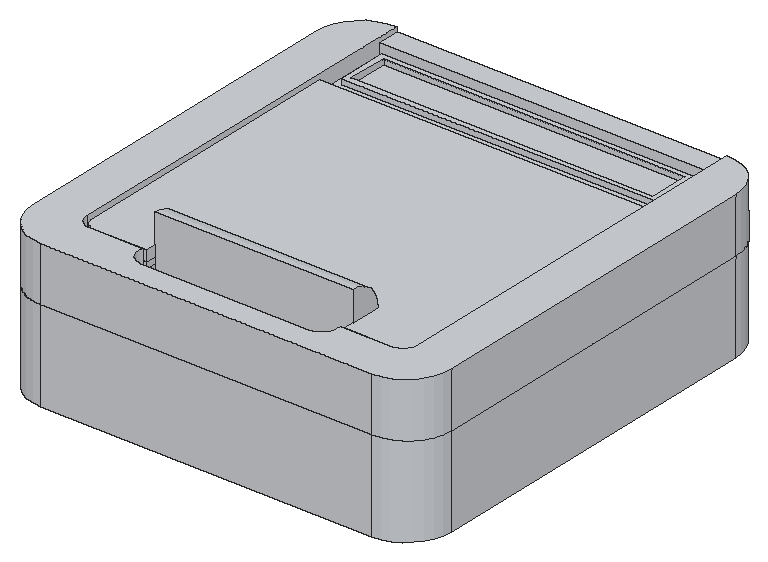
Revit family "Gira_026230", category Electrical Fixtures, host Face, Revit 2017
Family settings
  Host = Face
  Maintain Annotation Orientation = No
  Round Connector Dimension = Use Diameter
  Part Type = Normal
  Cut with Voids When Loaded = No
  Shared = No
  Room Calculation Point = No
Parameters (values of type "Hous. HC + in.sp. ins. comm.tec WP SM grey")
  With strain relief = no
  With imprint = no
  With hinged lid = yes
  With dust cover = no
  Utilization = "For data connection housing"
  Type of fastening = "Mounting with screw"
  Type Comments = ""
  Transparent = no
  Surface protection = "Sonstige (*de-DE)"
  Surface finishing = "Not applicable"
  Support ring = no
  Suitable for degree of protection (IP) = "IP44"
  Model = ""
  Material quality = "Thermoplastic"
  Material = "plastic"
  Luster terminal = no
  Keynote = ""
  Imprintable label = "With indication plate"
  HeinzeBIM = "https://www.heinze.de/bim/hous-hc-in-sp-ins-comm-tec-wp-sm-grey/a0636f71108af675a756d221536b3fa05e802baf"
  Halogen free = yes
  HAN = "026230"
  GTIN = "4010337262305"
  Default Elevation = 1219.2 mm
  URL = "https://www.gira.de/"
  Typname = ""
  Manufacturer = "Gira"
  Description = "Hous.HC in.sp.ins.comm.tec WP SM GY Housing with hinged cover and inscription space for communication technology inserts,grey Notes : - Not suitable for AMP Communications Outlet (ACO), IBM ACS-System, Reichle de Massari ACS-System, IBM STPA, ST SC Simplex Duplex, Telegärtner OCS-System, IBM ACS Mini-C 600 MHz and WBT high-end speaker connectors."
  Cost = 0
  Colour = "Grey"
  BIMSITE_PRODUCT_ID = "a0636f71108af675a756d221536b3fa05e802baf"
  BIM = "https://media.live.bim.site/t/eyJhbGciOiJIUzI1NiIsInR5cCI6IkpXVCJ9.eyJjdCI6MSwidGYiOiJwdWJsaWMvZ2lyYS8wOWY1ZGI1L0dpcmFfMDI2MjMwLnJmYSIsImNpZCI6ImZlZDk4ZTlhLTFiZDgtNGM2OC1hNzNiLTc0YTk0ZTMxNTgyMyIsInJpZCI6ImI4MWVlNmYyN2IwN2M2NmFiYTJhZjU4MzVlNGJiNDZiIiwicGlkIjoiYTA2MzZmNzExMDhhZjY3NWE3NTZkMjIxNTM2YjNmYTA1ZTgwMmJhZiIsInNpZCI6IjYzNDcwIiwidXQiOjUsImxjIjoiZW4iLCJpYXQiOjE2MDc1MjUwNTMsImlzcyI6Imh0dHBzOi8vYXBpLmxpdmUuYmltLnNpdGUiLCJzdWIiOiI4ZDNhYTVjYi1lMDY2LTQ1OTgtYmUxNi02ZTE2ZWU3NDk1NmEifQ.ReJ5R79Iz4Yq9W9hyxty9KLfEXTxUB2gXYyvtuNR6Mc/Gira_026230.rfa"
  Assembly arrangement = "Basic element with complete housing"
  Assembly Code = ""
Reference planes
  plane 1 "Center (Front/Back)": y = 0
  plane 2: z = 0
  plane 3 "Center (Left/Right)": x = 0
Dimensions and locks
  aligned and locked: plane 2 to host face
  aligned and locked: level to host face
Nested families
  nested 1: "00_001200_09C" at (0, 0, 0) x (-1, 0, 0) z (0, 0, 1), type "00_001200_09C"
  nested 2: "00_001201_12" at (0, 3.718, 17), type "00_001201_12"
Connectors
  electrical at (-0.022, -0.2, 0)
    settings: on nested 1, index 1, voltage 220 V, apparent load 0 VA, apparent load phase1 0 VA, apparent load phase2 0 VA, apparent load phase3 0 VA, power factor 1, load classification "Other", number of poles 1, system type 30, power factor state 1, is connector primary yes, connector utility no, sub classification motor no, connector description ""
Definition of nested family "00_001200_09C"
  Reference planes
    plane 1 "Center (Front/Back)": y = 0
    plane 2: z = 0
    plane 3 "Center (Left/Right)": x = 0
  Forms (mm)
    Extrusion 1, solid, detail levels fine
      sketch origin (-61.03, 55.516, 0) x (0, -1, 0) y (1, 0, 0)
        loop
          line (87.612, 99.097) -> (23.021, 99.097)
          arc (23.021, 99.097) -> (17.364, 96.754) -> (15.021, 91.097) r 8
          line (15.021, 91.097) -> (15.021, 31.006)
          arc (15.021, 31.006) -> (17.364, 25.349) -> (23.021, 23.006) r 8
          line (23.021, 23.006) -> (87.655, 23.006)
          arc (87.655, 23.006) -> (93.281, 25.337) -> (95.612, 30.963) r 7.957
          line (95.612, 30.963) -> (95.612, 91.097)
          arc (95.612, 91.097) -> (93.269, 96.754) -> (87.612, 99.097) r 8
        loop
          arc (87.487, 25.112) -> (91.743, 26.875) -> (93.505, 31.131) r 6.019
          line (93.505, 31.131) -> (93.505, 41.883) -> (86.08, 41.883)
          arc (86.08, 41.883) -> (82.159, 40.259) -> (80.535, 36.338) r 5.545
          line (80.535, 36.338) -> (80.535, 25.112) -> (87.487, 25.112)
        loop
          line (80.535, 96.991) -> (80.535, 85.72)
          arc (80.535, 85.72) -> (82.146, 81.831) -> (86.035, 80.22) r 5.5
          line (86.035, 80.22) -> (93.505, 80.22) -> (93.505, 90.991)
          arc (93.505, 90.991) -> (91.748, 95.233) -> (87.505, 96.991) r 6
          line (87.505, 96.991) -> (80.535, 96.991)
        loop
          line (17.127, 80.22) -> (24.998, 80.22)
          arc (24.998, 80.22) -> (28.887, 81.831) -> (30.498, 85.72) r 5.5
          line (30.498, 85.72) -> (30.498, 96.991) -> (23.127, 96.991)
          arc (23.127, 96.991) -> (18.885, 95.233) -> (17.127, 90.991) r 6
          line (17.127, 90.991) -> (17.127, 80.22)
        loop
          arc (17.127, 31.112) -> (18.885, 26.87) -> (23.127, 25.112) r 6
          line (23.127, 25.112) -> (30.498, 25.112) -> (30.498, 36.383)
          arc (30.498, 36.383) -> (28.887, 40.272) -> (24.998, 41.883) r 5.5
          line (24.998, 41.883) -> (17.127, 41.883) -> (17.127, 31.112)
        loop
          arc (79.498, 36.424) -> (81.401, 41.017) -> (85.994, 42.92) r 6.495
          line (85.994, 42.92) -> (93.505, 42.92) -> (93.505, 79.183) -> (85.998, 79.183)
          arc (85.998, 79.183) -> (81.402, 81.087) -> (79.498, 85.683) r 6.5
          line (79.498, 85.683) -> (79.498, 96.991) -> (31.535, 96.991) -> (31.535, 85.683)
          arc (31.535, 85.683) -> (29.631, 81.087) -> (25.035, 79.183) r 6.5
          line (25.035, 79.183) -> (17.127, 79.183) -> (17.127, 42.92) -> (25.035, 42.92)
          arc (25.035, 42.92) -> (29.631, 41.016) -> (31.535, 36.42) r 6.5
          line (31.535, 36.42) -> (31.535, 25.112) -> (79.498, 25.112) -> (79.498, 36.424)
        loop
          line (58.799, 33.592) -> (60.924, 33.592)
          arc (60.924, 33.592) -> (61.516, 33.399) -> (62.109, 33.592) r 1.008
          line (62.109, 33.592) -> (63.476, 33.592) -> (63.476, 35.011) -> (62.109, 35.011)
          arc (62.109, 35.011) -> (61.516, 35.213) -> (60.924, 35.011) r 0.971
          line (60.924, 35.011) -> (58.799, 35.011)
          arc (58.799, 35.011) -> (55.516, 37.66) -> (52.234, 35.011) r 3.358
          line (52.234, 35.011) -> (50.109, 35.011)
          arc (50.109, 35.011) -> (49.516, 35.199) -> (48.924, 35.011) r 1.026
          line (48.924, 35.011) -> (47.562, 35.011) -> (47.562, 33.592) -> (48.924, 33.592)
          arc (48.924, 33.592) -> (49.516, 33.386) -> (50.109, 33.592) r 0.955
          line (50.109, 33.592) -> (52.234, 33.592)
          arc (52.234, 33.592) -> (55.516, 30.943) -> (58.799, 33.592) r 3.358
        loop
          circle (55.516, 34.301) r 1.61
        loop
          line (58.799, 87.092) -> (60.924, 87.092)
          arc (60.924, 87.092) -> (61.516, 86.899) -> (62.109, 87.092) r 1.008
          line (62.109, 87.092) -> (63.476, 87.092) -> (63.476, 88.511) -> (62.109, 88.511)
          arc (62.109, 88.511) -> (61.516, 88.713) -> (60.924, 88.511) r 0.971
          line (60.924, 88.511) -> (58.799, 88.511)
          arc (58.799, 88.511) -> (55.516, 91.16) -> (52.234, 88.511) r 3.358
          line (52.234, 88.511) -> (50.109, 88.511)
          arc (50.109, 88.511) -> (49.516, 88.699) -> (48.924, 88.511) r 1.026
          line (48.924, 88.511) -> (47.562, 88.511) -> (47.562, 87.092) -> (48.924, 87.092)
          arc (48.924, 87.092) -> (49.516, 86.886) -> (50.109, 87.092) r 0.955
          line (50.109, 87.092) -> (52.234, 87.092)
          arc (52.234, 87.092) -> (55.516, 84.443) -> (58.799, 87.092) r 3.358
        loop
          circle (55.516, 87.801) r 1.61
      from 0 to 16.5
    Extrusion 2, solid, detail levels fine
      sketch origin (-61.03, 55.516, 0) x (0, -1, 0) y (1, 0, 0)
        loop
          line (59.566, 42.995) -> (65.854, 42.995)
          arc (65.854, 42.995) -> (72.073, 48.453) -> (75.675, 55.902) r 20.822
          line (75.675, 55.902) -> (76.458, 55.902) -> (76.458, 58.949) -> (74.672, 58.949)
          arc (74.672, 58.949) -> (71.753, 50.674) -> (65.47, 44.55) r 19.281
          line (65.47, 44.55) -> (58.127, 44.55) -> (58.127, 41.958)
          arc (58.127, 41.958) -> (55.516, 41.798) -> (52.906, 41.958) r 21.394
          line (52.906, 41.958) -> (52.906, 44.55) -> (45.563, 44.55)
          arc (45.563, 44.55) -> (39.279, 50.674) -> (36.361, 58.949) r 19.281
          line (36.361, 58.949) -> (34.575, 58.949) -> (34.575, 55.902) -> (35.358, 55.902)
          arc (35.358, 55.902) -> (38.96, 48.453) -> (45.179, 42.995) r 20.822
          line (45.179, 42.995) -> (51.467, 42.995) -> (51.467, 40.643)
          arc (51.467, 40.643) -> (55.516, 40.284) -> (59.566, 40.643) r 22.995
          line (59.566, 40.643) -> (59.566, 42.995)
        loop
          line (59.566, 79.107) -> (59.566, 81.459)
          arc (59.566, 81.459) -> (55.516, 81.819) -> (51.467, 81.459) r 22.995
          line (51.467, 81.459) -> (51.467, 79.107) -> (45.179, 79.107)
          arc (45.179, 79.107) -> (38.96, 73.65) -> (35.358, 66.201) r 20.822
          line (35.358, 66.201) -> (34.575, 66.201) -> (34.575, 63.154) -> (36.361, 63.154)
          arc (36.361, 63.154) -> (39.279, 71.429) -> (45.563, 77.553) r 19.281
          line (45.563, 77.553) -> (52.906, 77.553) -> (52.906, 80.145)
          arc (52.906, 80.145) -> (55.516, 80.305) -> (58.127, 80.145) r 21.394
          line (58.127, 80.145) -> (58.127, 77.553) -> (65.47, 77.553)
          arc (65.47, 77.553) -> (71.753, 71.429) -> (74.672, 63.154) r 19.281
          line (74.672, 63.154) -> (76.458, 63.154) -> (76.458, 66.201) -> (75.675, 66.201)
          arc (75.675, 66.201) -> (72.073, 73.65) -> (65.854, 79.107) r 20.822
          line (65.854, 79.107) -> (59.566, 79.107)
      from 3.5 to 16.5
    Extrusion 3, solid, detail levels fine
      sketch origin (-61.03, 55.516, 0) x (0, -1, 0) y (1, 0, 0)
        loop
          line (76.458, 58.949) -> (74.672, 58.949) -> (74.672, 63.154) -> (76.458, 63.154) -> (76.458, 66.201) -> (75.675, 66.201)
          arc (75.675, 66.201) -> (72.073, 73.65) -> (65.854, 79.107) r 20.822
          line (65.854, 79.107) -> (59.566, 79.107) -> (59.566, 81.459)
          arc (59.566, 81.459) -> (55.516, 81.819) -> (51.467, 81.459) r 22.995
          line (51.467, 81.459) -> (51.467, 79.107) -> (45.179, 79.107)
          arc (45.179, 79.107) -> (38.96, 73.65) -> (35.358, 66.201) r 20.822
          line (35.358, 66.201) -> (34.575, 66.201) -> (34.575, 63.154) -> (36.361, 63.154) -> (36.361, 58.949) -> (34.575, 58.949) -> (34.575, 55.902) -> (35.358, 55.902)
          arc (35.358, 55.902) -> (38.96, 48.453) -> (45.179, 42.995) r 20.822
          line (45.179, 42.995) -> (51.467, 42.995) -> (51.467, 40.643)
          arc (51.467, 40.643) -> (55.516, 40.284) -> (59.566, 40.643) r 22.995
          line (59.566, 40.643) -> (59.566, 42.995) -> (65.854, 42.995)
          arc (65.854, 42.995) -> (72.073, 48.453) -> (75.675, 55.902) r 20.822
          line (75.675, 55.902) -> (76.458, 55.902) -> (76.458, 58.949)
        loop
          circle (55.503, 51.541) r 3
        loop
          circle (55.503, 70.519) r 3
      from 2.5 to 3.5
    Extrusion 4, solid, detail levels fine
      sketch origin (-94.422, 51.855, 0) x (0, -1, 0) y (1, 0, 0)
        loop
          line (11.36, 124.489) -> (11.36, 64.399)
          arc (11.36, 64.399) -> (13.703, 58.742) -> (19.36, 56.399) r 8
          line (19.36, 56.399) -> (83.994, 56.399)
          arc (83.994, 56.399) -> (89.672, 58.781) -> (91.949, 64.502) r 7.957
          line (91.949, 64.502) -> (21.7, 64.502)
          arc (21.7, 64.502) -> (19.913, 65.242) -> (19.173, 67.029) r 2.527
          line (19.173, 67.029) -> (19.173, 76.367)
          arc (19.173, 76.367) -> (16.678, 77.107) -> (15.598, 79.475) r 3.139
          line (15.598, 79.475) -> (15.598, 109.475)
          arc (15.598, 109.475) -> (16.642, 111.842) -> (19.173, 112.371) r 2.83
          line (19.173, 112.371) -> (19.173, 121.99)
          arc (19.173, 121.99) -> (19.894, 123.729) -> (21.632, 124.449) r 2.459
          line (21.632, 124.449) -> (91.951, 124.449)
          arc (91.951, 124.449) -> (89.622, 130.132) -> (83.951, 132.489) r 8
          line (83.951, 132.489) -> (19.36, 132.489)
          arc (19.36, 132.489) -> (13.703, 130.146) -> (11.36, 124.489) r 8
      from 16.5 to 26.5
    Extrusion 5, solid, detail levels medium+fine
      sketch origin (0, 0.179, 0) x (0, -1, 0) y (1, 0, 0)
        loop
          line (14.93, -15.428) -> (23.806, -6.684) -> (23.806, 6.684) -> (14.93, 15.428)
          arc (14.93, 15.428) -> (-0.212, 21.598) -> (-15.329, 15.369) r 21.56
          line (-15.329, 15.369) -> (-23.088, 7.727) -> (-23.088, -7.727) -> (-15.329, -15.369)
          arc (-15.329, -15.369) -> (-0.212, -21.598) -> (14.93, -15.428) r 21.56
        loop
          arc (0.179, -19.254) -> (13.039, -14.329) -> (19.334, -2.081) r 19.281
          line (19.334, -2.081) -> (21.12, -2.081) -> (21.12, 2.124) -> (19.334, 2.124)
          arc (19.334, 2.124) -> (13.039, 14.372) -> (0.179, 19.297) r 19.281
          arc (0.179, 19.297) -> (-12.682, 14.372) -> (-18.977, 2.124) r 19.281
          line (-18.977, 2.124) -> (-20.763, 2.124) -> (-20.763, -2.081) -> (-18.977, -2.081)
          arc (-18.977, -2.081) -> (-12.682, -14.329) -> (0.179, -19.254) r 19.281
      from 16.5 to 22.5
    Extrusion 6, solid, detail levels medium+fine
      sketch origin (0, 0.179, 0) x (0, -1, 0) y (1, 0, 0)
        loop
          line (2.789, -16.48) -> (2.789, -19.075)
          arc (2.789, -19.075) -> (6.593, -18.152) -> (10.132, -16.48) r 19.281
          line (10.132, -16.48) -> (2.789, -16.48)
        loop
          line (-2.432, -16.48) -> (-9.775, -16.48)
          arc (-9.775, -16.48) -> (-6.236, -18.152) -> (-2.432, -19.075) r 19.281
          line (-2.432, -19.075) -> (-2.432, -16.48)
        loop
          line (2.789, 16.48) -> (10.132, 16.48)
          arc (10.132, 16.48) -> (6.593, 18.152) -> (2.789, 19.075) r 19.281
          line (2.789, 19.075) -> (2.789, 16.48)
        loop
          line (-2.432, 16.48) -> (-2.432, 19.075)
          arc (-2.432, 19.075) -> (-6.236, 18.152) -> (-9.775, 16.48) r 19.281
          line (-9.775, 16.48) -> (-2.432, 16.48)
      from 3.5 to 19.5
    Extrusion 7, solid, detail levels medium+fine
      sketch origin (0, 0.179, 0) x (0, -1, 0) y (1, 0, 0)
        loop
          line (-29.977, -29.92) -> (40.274, -29.92) -> (40.274, 30.026) -> (-30.045, 30.026)
          arc (-30.045, 30.026) -> (-31.783, 29.306) -> (-32.504, 27.568) r 2.459
          line (-32.504, 27.568) -> (-32.504, 17.948)
          arc (-32.504, 17.948) -> (-35.035, 17.419) -> (-36.079, 15.053) r 2.83
          line (-36.079, 15.053) -> (-36.079, -14.947)
          arc (-36.079, -14.947) -> (-34.999, -17.316) -> (-32.504, -18.055) r 3.139
          line (-32.504, -18.055) -> (-32.504, -27.394)
          arc (-32.504, -27.394) -> (-31.764, -29.18) -> (-29.977, -29.92) r 2.527
        loop
          line (23.806, 6.684) -> (14.93, 15.428)
          arc (14.93, 15.428) -> (-0.212, 21.598) -> (-15.329, 15.369) r 21.56
          line (-15.329, 15.369) -> (-23.088, 7.727) -> (-23.088, -7.727) -> (-15.329, -15.369)
          arc (-15.329, -15.369) -> (-0.212, -21.598) -> (14.93, -15.428) r 21.56
          line (14.93, -15.428) -> (23.806, -6.684) -> (23.806, 6.684)
      from 15.5 to 17
    Extrusion 8, solid, detail levels medium
      sketch origin (0, 0.179, 0) x (0, -1, 0) y (1, 0, 0)
        loop
          line (40.274, -38.024) -> (40.274, 38.067) -> (-40.317, 38.067) -> (-40.317, -38.024) -> (40.274, -38.024)
      from 0 to 16.5
    Extrusion 9, solid, detail levels medium
      sketch origin (0, 0.179, 0) x (0, -1, 0) y (1, 0, 0)
        loop
          arc (-29.977, -29.92) -> (-31.764, -29.18) -> (-32.504, -27.394) r 2.527
          line (-32.504, -27.394) -> (-32.504, -18.055)
          arc (-32.504, -18.055) -> (-34.999, -17.316) -> (-36.079, -14.947) r 3.139
          line (-36.079, -14.947) -> (-36.079, 15.053)
          arc (-36.079, 15.053) -> (-35.035, 17.419) -> (-32.504, 17.948) r 2.83
          line (-32.504, 17.948) -> (-32.504, 27.568)
          arc (-32.504, 27.568) -> (-31.783, 29.306) -> (-30.045, 30.026) r 2.459
          line (-30.045, 30.026) -> (40.274, 30.026) -> (40.274, 38.067) -> (-40.317, 38.067) -> (-40.317, -38.024) -> (40.272, -38.024) -> (40.272, -29.92) -> (-29.977, -29.92)
      from 16.5 to 26.5
    Extrusion 10, solid, detail levels coarse
      sketch origin (0, 0.179, 0) x (0, -1, 0) y (1, 0, 0)
        loop
          line (40.274, 38.067) -> (-40.317, 38.067) -> (-40.317, -38.024) -> (40.274, -38.024) -> (40.274, 38.067)
      from 0 to 26.5
  Dimensions and locks
    aligned and locked: plane 2 to level
Definition of nested family "00_001201_12"
  Reference planes
    plane 1 "Center (Front/Back)": y = 0
    plane 2: z = 0
    plane 3 "Center (Left/Right)": x = 0
  Forms (mm)
    Extrusion 1, solid, detail levels fine
      sketch origin (-41.171, -41.691, 0) x (1, 0, 0) y (0, 1, 0)
        loop
          arc (70.621, 76.986) -> (70.472, 77.347) -> (70.111, 77.496) r 0.51
          line (70.111, 77.496) -> (12.222, 77.496)
          arc (12.222, 77.496) -> (11.868, 77.35) -> (11.721, 76.995) r 0.501
          line (11.721, 76.995) -> (11.721, 8.345)
          arc (11.721, 8.345) -> (12.38, 6.755) -> (13.97, 6.097) r 2.248
          line (13.97, 6.097) -> (23.313, 6.097) -> (23.313, 8.097) -> (13.721, 8.097) -> (13.721, 75.996) -> (68.621, 75.996) -> (68.621, 8.097) -> (59.313, 8.097) -> (59.313, 6.097) -> (68.471, 6.097)
          arc (68.471, 6.097) -> (69.992, 6.726) -> (70.621, 8.247) r 2.15
          line (70.621, 8.247) -> (70.621, 76.986)
      from 0 to 6
    Extrusion 2, solid, detail levels fine
      sketch origin (-41.171, -41.691, 0) x (1, 0, 0) y (0, 1, 0)
        loop
          line (11.721, 76.995) -> (11.721, 8.345)
          arc (11.721, 8.345) -> (12.38, 6.755) -> (13.97, 6.097) r 2.248
          line (13.97, 6.097) -> (23.313, 6.097) -> (23.313, 13.597) -> (59.313, 13.597) -> (59.313, 6.097) -> (68.471, 6.097)
          arc (68.471, 6.097) -> (69.992, 6.726) -> (70.621, 8.247) r 2.15
          line (70.621, 8.247) -> (70.621, 76.986)
          arc (70.621, 76.986) -> (70.472, 77.347) -> (70.111, 77.496) r 0.51
          line (70.111, 77.496) -> (12.222, 77.496)
          arc (12.222, 77.496) -> (11.868, 77.35) -> (11.721, 76.995) r 0.501
      from 6 to 7
    Extrusion 3, solid, detail levels fine
      sketch origin (-41.171, -41.691, 0) x (1, 0, 0) y (0, 1, 0)
        loop
          line (11.721, 59.837) -> (11.721, 8.345)
          arc (11.721, 8.345) -> (12.38, 6.755) -> (13.97, 6.097) r 2.248
          line (13.97, 6.097) -> (23.313, 6.097) -> (23.313, 13.597) -> (59.313, 13.597) -> (59.313, 6.097) -> (68.471, 6.097)
          arc (68.471, 6.097) -> (69.992, 6.726) -> (70.621, 8.247) r 2.15
          line (70.621, 8.247) -> (70.621, 59.837) -> (11.721, 59.837)
        loop
          line (70.621, 73.567) -> (70.621, 76.986)
          arc (70.621, 76.986) -> (70.472, 77.347) -> (70.111, 77.496) r 0.51
          line (70.111, 77.496) -> (12.222, 77.496)
          arc (12.222, 77.496) -> (11.868, 77.35) -> (11.721, 76.995) r 0.501
          line (11.721, 76.995) -> (11.721, 73.567) -> (70.621, 73.567)
      from 7 to 9
    Extrusion 4, solid, detail levels medium+fine
      sketch origin (-41.171, -41.691, 0) x (1, 0, 0) y (0, 1, 0)
        loop
          line (12.83, 72.567) -> (12.83, 63.567) -> (69.63, 63.567) -> (69.63, 72.567) -> (12.83, 72.567)
        loop
          line (68.621, 71.717) -> (13.83, 71.717) -> (13.83, 64.417) -> (68.621, 64.417) -> (68.621, 71.717)
      from 7 to 8
    Extrusion 5, solid, detail levels medium
      sketch origin (-41.171, -41.691, 0) x (1, 0, 0) y (0, 1, 0)
        loop
          line (11.721, 77.496) -> (11.721, 6.097) -> (70.621, 6.097) -> (70.621, 77.496) -> (11.721, 77.496)
      from 0 to 7
    Extrusion 6, solid, detail levels coarse
      sketch origin (-41.171, -41.691, 0) x (1, 0, 0) y (0, 1, 0)
        loop
          line (11.721, 6.097) -> (70.621, 6.097) -> (70.621, 77.496) -> (11.721, 77.496) -> (11.721, 6.097)
      from 0 to 14.309
    Extrusion 7, solid, detail levels medium
      sketch origin (0, 0.105, 0) x (1, 0, 0) y (0, 1, 0)
        loop
          line (29.45, 18.041) -> (-29.45, 18.041) -> (-29.45, -35.7) -> (29.45, -35.7) -> (29.45, 18.041)
        loop
          line (-29.45, 31.771) -> (29.45, 31.771) -> (29.45, 35.7) -> (-29.45, 35.7) -> (-29.45, 31.771)
      from 7 to 9
    Extrusion 8, solid, detail levels fine
      sketch origin (0, 0.105, 0) x (1, 0, 0) y (0, 1, 0)
        loop
          arc (-19.941, 7.203) -> (-22.389, 0.097) -> (-22.674, -7.414) r 25.666
          arc (-22.674, -7.414) -> (-20.461, -14.394) -> (-16.171, -20.329) r 23.056
          line (-16.171, -20.329) -> (-10.1, -26.4) -> (10.1, -26.4) -> (16.171, -20.329)
          arc (16.171, -20.329) -> (20.461, -14.394) -> (22.674, -7.414) r 23.056
          arc (22.674, -7.414) -> (22.389, 0.097) -> (19.941, 7.203) r 25.666
          arc (19.941, 7.203) -> (18.155, 9.706) -> (16.104, 11.996) r 27.884
          line (16.104, 11.996) -> (12.3, 15.8) -> (-12.3, 15.8) -> (-16.104, 11.996)
          arc (-16.104, 11.996) -> (-18.155, 9.706) -> (-19.941, 7.203) r 27.884
        loop
          arc (-16.811, 12.703) -> (-18.949, 10.314) -> (-20.809, 7.702) r 28.884
          arc (-20.809, 7.702) -> (-23.37, 0.293) -> (-23.666, -7.542) r 26.666
          arc (-23.666, -7.542) -> (-21.359, -14.835) -> (-16.878, -21.036) r 24.056
          line (-16.878, -21.036) -> (-10.514, -27.4) -> (10.514, -27.4) -> (16.878, -21.036)
          arc (16.878, -21.036) -> (21.359, -14.835) -> (23.666, -7.542) r 24.056
          arc (23.666, -7.542) -> (23.37, 0.293) -> (20.809, 7.702) r 26.666
          arc (20.809, 7.702) -> (18.949, 10.314) -> (16.811, 12.703) r 28.884
          line (16.811, 12.703) -> (12.714, 16.8) -> (-12.714, 16.8) -> (-16.811, 12.703)
      from 0 to 6
    Extrusion 9, solid, detail levels fine
      sketch origin (-9.844, -56.362, -5.374) x (0, 0, -1) y (0, 1, 0)
        loop
          line (-19.683, 22.767) -> (-5.374, 22.767) -> (-5.374, 28.267) -> (-14.374, 28.267)
          arc (-14.374, 28.267) -> (-18.196, 26.644) -> (-19.683, 22.767) r 5.313
      from -8.015 to 27.985
    Extrusion 10, solid, detail levels medium
      sketch origin (0, 0.105, 0) x (0, 1, 0) y (0, 0, 1)
        loop
          line (-33.7, 9) -> (-28.2, 9) -> (-28.2, 14.309) -> (-33.7, 14.309) -> (-33.7, 9)
      from -17.858 to 18.142
  Dimensions and locks
    aligned and locked: plane 2 to level
